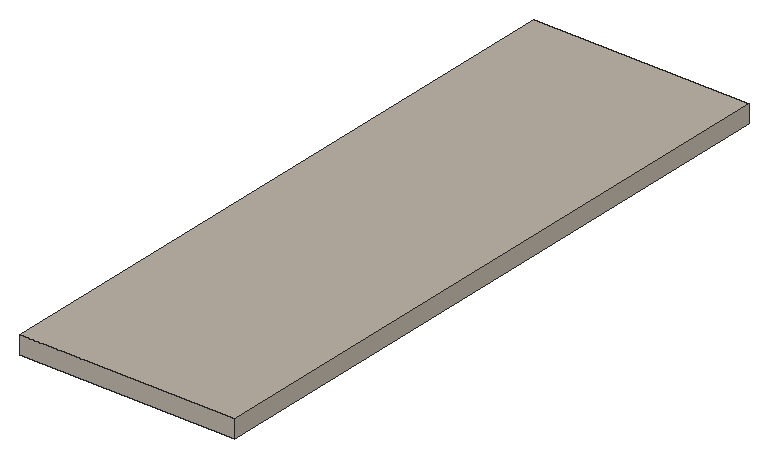
Revit family "Cambio Wall Systems - Acoustic - Felt 18x54", category Generic Models, host Face, Revit 2023
Family settings
  Host = Face
  Can host rebar = No
  Round Connector Dimension = Use Diameter
  Part Type = Normal
  Cut with Voids When Loaded = No
  Maintain Annotation Orientation = No
  Shared = No
  Room Calculation Point = No
Parameters (values of type "Felt Color - TUFF")
  Default Elevation = 4' - 0"
  Cambio Material = Cambio Felt - Tuff
Types (23): name | Cambio Material
  Felt Color - AZURITE | Cambio Felt - Azurite
  Felt Color - SLATE | Cambio Felt - Slate
  Felt Color - SHALE | Cambio Felt - Shale
  Felt Color - QUARTZ | Cambio Felt - Quartz
  Felt Color - PERIDOT | Cambio Felt - Peridot
  Felt Color - OPAL | Cambio Felt - Opal
  Felt Color - ONYX | Cambio Felt - Onyx
  Felt Color - NORITE | Cambio Felt - Norite
  Felt Color - MARL | Cambio Felt - Marl
  Felt Color - MARBLE | Cambio Felt - Marble
  Felt Color - JASPER | Cambio Felt - Jasper
  Felt Color - JADE | Cambio Felt - Jade
  Felt Color - GRANITE | Cambio Felt - Granite
  Felt Color - GNEISS | Cambio Felt - Gneiss
  Felt Color - GABBRO | Cambio Felt - Gabbro
  Felt Color - FLINT | Cambio Felt - Flint
  Felt Color - CITRINE | Cambio Felt - Citrine
  Felt Color - CHALK | Cambio Felt - Chalk
  Felt Color - AGATE | Cambio Felt - Agate
  Felt Color - BASALT | Cambio Felt - Basalt
  Felt Color - SODALITE | Cambio Felt - Sodalite
  Felt Color - TOURMALINE | Cambio Felt - Tourmaline
  Felt Color - TUFF | Cambio Felt - Tuff
Reference planes (in)
  plane 1 "Center (Front/Back)": y = 0
  plane 2: z = 0
  plane 3 "Center (Left/Right)": x = 0
Forms (in)
  Extrusion 1, solid, material "Cambio Felt - Tuff" <- "Cambio Material"
    sketch origin (0, 0, 0) x (1, 0, 0) y (0, 1, 0)
      loop
        line (-9, 27) -> (-9, -27) -> (9, -27) -> (9, 27) -> (-9, 27)
    from 0 to 1.5
Dimensions and locks (in)
  Extrusion 1 sketch curve to plane 3 "Center (Left/Right)" to Extrusion 1 sketch curve = 0' - 9" locked, 0' - 9" locked
  Extrusion 1 sketch curve to plane 1 "Center (Front/Back)" to Extrusion 1 sketch curve = 2' - 3" locked, 2' - 3" locked
  aligned and locked: plane 2 to host face
  aligned and locked: level to host face
